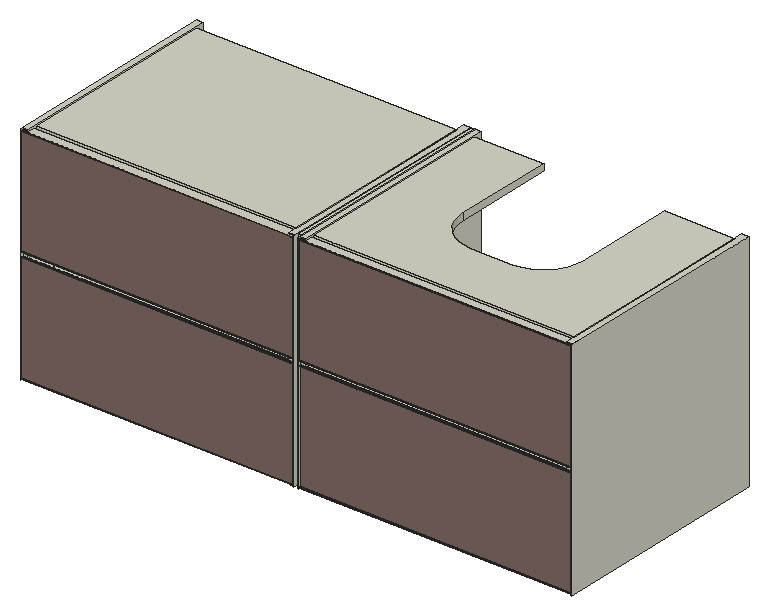
Revit family "vanity unit-hansgrohe-54240XXX-Xevolos E Vanity unit Sand Matt Beige 1370_550 with 4 drawers for consoles with countertop basin ground right", category Furniture, Revit 2019 (continued)
Types (6, lengths in mm): name | SURFACE | NB | Model | MIdent | LODLEVEL | LINA | IDNR | ARTNR | 54240790-SAND_MATT_BEIGE-METALLIC_SAND_BEIGE-400_RX0RY0RZ0TX0TY0TZ0_V | 54240790-SAND_MATT_BEIGE-METALLIC_SAND_BEIGE-200_RX0RY0RZ0TX0TY0TZ0_V | 54240730-SAND_MATT_BEIGE-DARK_OAK-400_RX0RY0RZ0TX0TY0TZ0_V | 54240730-SAND_MATT_BEIGE-DARK_OAK-200_RX0RY0RZ0TX0TY0TZ0_V | 54240390-SAND_MATT_BEIGE-PATTEREND_BRONZE-400_RX0RY0RZ0TX0TY0TZ0_V | 54240390-SAND_MATT_BEIGE-PATTEREND_BRONZE-200_RX0RY0RZ0TX0TY0TZ0_V
  54240730-SAND_MATT_BEIGE-DARK_OAK-200 | "DARK_OAK" | "54240730-SAND_MATT_BEIGE-DARK_OAK-200" | "54240730-SAND_MATT_BEIGE-DARK_OAK-200" | "{$CADENAS_DATA/23d-libs/hansgrohe/xevolos_furniture/e_vanity_unit_4drawers_consoles_countertop_basin/vanity_unit_4drawers_consoles_countertop_basin.prj},285 {VTYP=3D},{NB=54240730-SAND_MATT_BEIGE-DARK_OAK-200},{LINA=54240730-SAND_MATT_BEIGE-DARK_OAK-200},{NN=Vanity unit with 4 drawers for consoles with countertop basin ground},{DATE=13.03.2023 11:56:00},{GEOMDATE=12.03.2023 06:43:00},{VERSION=},{LINEID=140},{WBVAR=LODLEVEL},{WBNUMERIC=}  {NB=54240730-SAND_MATT_BEIGE-DARK_OAK-200},{LINA=54240730-SAND_MATT_BEIGE-DARK_OAK-200},{KT=DUMMY},{IDNR=14},{ARTNR=54240730},{BASENUMBER=54240},{MODEL=54240XXX},{OBERFLAECHE=SAND_MATT_BEIGE},{SURFACE=DARK_OAK},{L=1370},{CTP=R},{LODLEVEL=200},{LODLEVELX='400','400','200','200'},{NAME=Xevolos E Vanity unit Sand Matt Beige 1370/550 with 4 drawers for consoles with countertop basin ground right},{PERMALINK=54240XXX},{OBJECTTYPE=Object (single object)},{BIMOBJECT=Sanitary: Compound units},{COLLECTIONSET=Xevolos E},{COLLECTION=vanity unit},{WEIGHT=83.3},{DESCRIPTION=Xevolos E Vanity unit Sand Matt Beige 1370/550 with 4 drawers for consoles with countertop basin ground right},{PRODUCTURL=https://pro.hansgrohe.com/articledetail--54240390},{GTINCODE=0},{TENDERURL=0},{IFC=Furnishing element},{ETIM=EC011381 | Bathroom furniture set},{UNICLASS2015=Pr_40_30_78_05 | Bathroom furniture},{OMNICLASS=23-21 19 15 33 13 | Residential Bathroom Specialty Casework},{MASTERFORMAT=12 35 30.23 | Bathroom Casework},{UNSPSC=56 | Furniture and Furnishings},{UNIFORMATII=E2010 | Fixed Furnishings},{REGION=Worldwide},{DESIGN=Germany},{MANUFACTURER=Germany}" | "200" | "54240730-SAND_MATT_BEIGE-DARK_OAK-200" | 14 | "54240730" | no | no | no | yes | no | no
  54240730-SAND_MATT_BEIGE-DARK_OAK-400 | "DARK_OAK" | "54240730-SAND_MATT_BEIGE-DARK_OAK-400" | "54240730-SAND_MATT_BEIGE-DARK_OAK-400" | "{$CADENAS_DATA/23d-libs/hansgrohe/xevolos_furniture/e_vanity_unit_4drawers_consoles_countertop_basin/vanity_unit_4drawers_consoles_countertop_basin.prj},285 {VTYP=3D},{NB=54240730-SAND_MATT_BEIGE-DARK_OAK-400},{LINA=54240730-SAND_MATT_BEIGE-DARK_OAK-400},{NN=Vanity unit with 4 drawers for consoles with countertop basin ground},{DATE=13.03.2023 11:56:00},{GEOMDATE=12.03.2023 06:43:00},{VERSION=},{LINEID=140},{WBVAR=LODLEVEL},{WBNUMERIC=}  {NB=54240730-SAND_MATT_BEIGE-DARK_OAK-400},{LINA=54240730-SAND_MATT_BEIGE-DARK_OAK-400},{KT=DUMMY},{IDNR=14},{ARTNR=54240730},{BASENUMBER=54240},{MODEL=54240XXX},{OBERFLAECHE=SAND_MATT_BEIGE},{SURFACE=DARK_OAK},{L=1370},{CTP=R},{LODLEVEL=400},{LODLEVELX='400','400','200','200'},{NAME=Xevolos E Vanity unit Sand Matt Beige 1370/550 with 4 drawers for consoles with countertop basin ground right},{PERMALINK=54240XXX},{OBJECTTYPE=Object (single object)},{BIMOBJECT=Sanitary: Compound units},{COLLECTIONSET=Xevolos E},{COLLECTION=vanity unit},{WEIGHT=83.3},{DESCRIPTION=Xevolos E Vanity unit Sand Matt Beige 1370/550 with 4 drawers for consoles with countertop basin ground right},{PRODUCTURL=https://pro.hansgrohe.com/articledetail--54240390},{GTINCODE=0},{TENDERURL=0},{IFC=Furnishing element},{ETIM=EC011381 | Bathroom furniture set},{UNICLASS2015=Pr_40_30_78_05 | Bathroom furniture},{OMNICLASS=23-21 19 15 33 13 | Residential Bathroom Specialty Casework},{MASTERFORMAT=12 35 30.23 | Bathroom Casework},{UNSPSC=56 | Furniture and Furnishings},{UNIFORMATII=E2010 | Fixed Furnishings},{REGION=Worldwide},{DESIGN=Germany},{MANUFACTURER=Germany}" | "400" | "54240730-SAND_MATT_BEIGE-DARK_OAK-400" | 14 | "54240730" | no | no | yes | no | no | no
  54240790-SAND_MATT_BEIGE-METALLIC_SAND_BEIGE-200 | "METALLIC_SAND_BEIGE" | "54240790-SAND_MATT_BEIGE-METALLIC_SAND_BEIGE-200" | "54240790-SAND_MATT_BEIGE-METALLIC_SAND_BEIGE-200" | "{$CADENAS_DATA/23d-libs/hansgrohe/xevolos_furniture/e_vanity_unit_4drawers_consoles_countertop_basin/vanity_unit_4drawers_consoles_countertop_basin.prj},307 {VTYP=3D},{NB=54240790-SAND_MATT_BEIGE-METALLIC_SAND_BEIGE-200},{LINA=54240790-SAND_MATT_BEIGE-METALLIC_SAND_BEIGE-200},{NN=Vanity unit with 4 drawers for consoles with countertop basin ground},{DATE=13.03.2023 11:56:00},{GEOMDATE=12.03.2023 06:43:00},{VERSION=},{LINEID=150},{WBVAR=LODLEVEL},{WBNUMERIC=}  {NB=54240790-SAND_MATT_BEIGE-METALLIC_SAND_BEIGE-200},{LINA=54240790-SAND_MATT_BEIGE-METALLIC_SAND_BEIGE-200},{KT=DUMMY},{IDNR=15},{ARTNR=54240790},{BASENUMBER=54240},{MODEL=54240XXX},{OBERFLAECHE=SAND_MATT_BEIGE},{SURFACE=METALLIC_SAND_BEIGE},{L=1370},{CTP=R},{LODLEVEL=200},{LODLEVELX='400','400','200','200'},{NAME=Xevolos E Vanity unit Sand Matt Beige 1370/550 with 4 drawers for consoles with countertop basin ground right},{PERMALINK=54240XXX},{OBJECTTYPE=Object (single object)},{BIMOBJECT=Sanitary: Compound units},{COLLECTIONSET=Xevolos E},{COLLECTION=vanity unit},{WEIGHT=83.3},{DESCRIPTION=Xevolos E Vanity unit Sand Matt Beige 1370/550 with 4 drawers for consoles with countertop basin ground right},{PRODUCTURL=https://pro.hansgrohe.com/articledetail--54240390},{GTINCODE=0},{TENDERURL=0},{IFC=Furnishing element},{ETIM=EC011381 | Bathroom furniture set},{UNICLASS2015=Pr_40_30_78_05 | Bathroom furniture},{OMNICLASS=23-21 19 15 33 13 | Residential Bathroom Specialty Casework},{MASTERFORMAT=12 35 30.23 | Bathroom Casework},{UNSPSC=56 | Furniture and Furnishings},{UNIFORMATII=E2010 | Fixed Furnishings},{REGION=Worldwide},{DESIGN=Germany},{MANUFACTURER=Germany}" | "200" | "54240790-SAND_MATT_BEIGE-METALLIC_SAND_BEIGE-200" | 15 | "54240790" | no | yes | no | no | no | no
  54240790-SAND_MATT_BEIGE-METALLIC_SAND_BEIGE-400 | "METALLIC_SAND_BEIGE" | "54240790-SAND_MATT_BEIGE-METALLIC_SAND_BEIGE-400" | "54240790-SAND_MATT_BEIGE-METALLIC_SAND_BEIGE-400" | "{$CADENAS_DATA/23d-libs/hansgrohe/xevolos_furniture/e_vanity_unit_4drawers_consoles_countertop_basin/vanity_unit_4drawers_consoles_countertop_basin.prj},307 {VTYP=3D},{NB=54240790-SAND_MATT_BEIGE-METALLIC_SAND_BEIGE-400},{LINA=54240790-SAND_MATT_BEIGE-METALLIC_SAND_BEIGE-400},{NN=Vanity unit with 4 drawers for consoles with countertop basin ground},{DATE=13.03.2023 11:56:00},{GEOMDATE=12.03.2023 06:43:00},{VERSION=},{LINEID=150},{WBVAR=LODLEVEL},{WBNUMERIC=}  {NB=54240790-SAND_MATT_BEIGE-METALLIC_SAND_BEIGE-400},{LINA=54240790-SAND_MATT_BEIGE-METALLIC_SAND_BEIGE-400},{KT=DUMMY},{IDNR=15},{ARTNR=54240790},{BASENUMBER=54240},{MODEL=54240XXX},{OBERFLAECHE=SAND_MATT_BEIGE},{SURFACE=METALLIC_SAND_BEIGE},{L=1370},{CTP=R},{LODLEVEL=400},{LODLEVELX='400','400','200','200'},{NAME=Xevolos E Vanity unit Sand Matt Beige 1370/550 with 4 drawers for consoles with countertop basin ground right},{PERMALINK=54240XXX},{OBJECTTYPE=Object (single object)},{BIMOBJECT=Sanitary: Compound units},{COLLECTIONSET=Xevolos E},{COLLECTION=vanity unit},{WEIGHT=83.3},{DESCRIPTION=Xevolos E Vanity unit Sand Matt Beige 1370/550 with 4 drawers for consoles with countertop basin ground right},{PRODUCTURL=https://pro.hansgrohe.com/articledetail--54240390},{GTINCODE=0},{TENDERURL=0},{IFC=Furnishing element},{ETIM=EC011381 | Bathroom furniture set},{UNICLASS2015=Pr_40_30_78_05 | Bathroom furniture},{OMNICLASS=23-21 19 15 33 13 | Residential Bathroom Specialty Casework},{MASTERFORMAT=12 35 30.23 | Bathroom Casework},{UNSPSC=56 | Furniture and Furnishings},{UNIFORMATII=E2010 | Fixed Furnishings},{REGION=Worldwide},{DESIGN=Germany},{MANUFACTURER=Germany}" | "400" | "54240790-SAND_MATT_BEIGE-METALLIC_SAND_BEIGE-400" | 15 | "54240790" | yes | no | no | no | no | no
